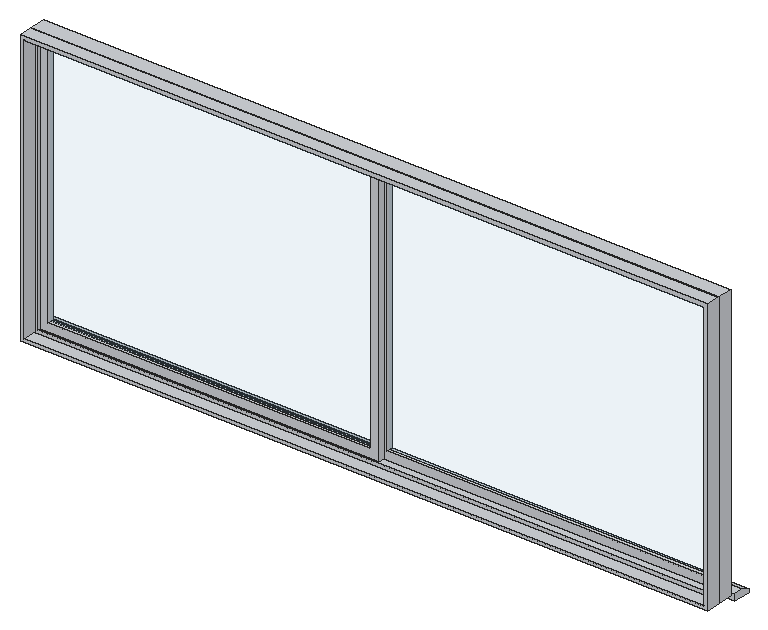
Revit family
Parameters (values of type "@1200 x 3000mm")
  씰 돌출 = 35.000 mm
  개구부 프레임 폭 = 35.000 mm
  개구부 프레임 깊이 = 25.000 mm
  내부 프레임 돌출 = 20.000 mm
  내부 프레임 깊이 = 60.000 mm
  Height = 1200.000 mm
  유리 참조 = 개구부 프레임 깊이 / 2  # 12.500 mm
  프레임 폭 = 30.000 mm
  프레임 반 폭 = 프레임 폭 / 2  # 15.000 mm
  프레임 반 깊이 = 35.000 mm
  프레임 깊이 = 70.000 mm
  기본 씰 높이 = 800.000 mm
  Wall Closure = (empty or 0)
  Width = 3000.000 mm
  Assembly Code = ""
Reference planes
  plane 1: y = 0
  plane 2 "중심(왼쪽/오른쪽)": x = 0
  plane 3 "왼쪽": x = -1500
  plane 4 "오른쪽": x = 1500
  plane 5 "씰 ": z = 800
  plane 6 "헤드": z = 2000
  plane 7 "외부": y = 75
  plane 8 "내부": y = -75
  plane 9: x = -1470
  plane 10: x = -1515
  plane 11: x = 1470
  plane 12: x = 1515
  plane 13: z = 2015
  plane 14: z = 1970
  plane 15: z = 1400
  plane 16: z = 785
  plane 17: z = 830
  plane 18: y = -95
  plane 19: y = 25
  plane 20: y = -25
  plane 21: y = 110
  plane 22: y = -35
  plane 23: y = 35
  plane 24: y = 12.5
  plane 25: x = 10
  plane 26: x = -25
  plane 27: x = -10
  plane 28: x = 25
  plane 29: y = -12.5
Forms (mm)
  Extrusion 1, void
    sketch origin (0, 75, 0) x (1, 0, 0) y (0, 0, 1)
      loop
        line (1500, 2000) -> (-1500, 2000) -> (-1500, 800) -> (1500, 800) -> (1500, 2000)
    from 0 to 150
  Sweep 2, solid
    path origin (0, 75, 0) x (1, 0, 0) y (0, 0, 1)
      loop
        line (1500, 2000) -> (-1500, 2000) -> (-1500, 800) -> (1500, 800) -> (1500, 2000)
    profile origin (0, 0, 0) x (0, 0, -1) y (0, -1, 0)
      loop
        line (-2000, 35) -> (-2000, -35) -> (-1970, -35) -> (-1970, 35) -> (-2000, 35)
  Extrusion 3, void
    sketch origin (0, 75, 0) x (1, 0, 0) y (0, 0, 1)
      loop
        line (1515, 785) -> (1515, 815) -> (-1515, 815) -> (-1515, 785) -> (1515, 785)
    from -35 to 40
  Sweep 4, solid, detail levels medium+fine
    path origin (0, 75, 0) x (1, 0, 0) y (0, 0, 1)
      loop
        line (1515, 785) -> (-1515, 785)
    profile origin (0, 0, 0) x (0, 0, -1) y (0, -1, 0)
      loop
        line (-815, -75) -> (-801.875, -110) -> (-785, -110) -> (-785, -35) -> (-815, -35) -> (-815, -75)
  Extrusion 5, solid
    sketch origin (0, 75, 0) x (1, 0, 0) y (0, 0, 1)
      loop
        line (1470, 1970) -> (-10, 1970) -> (-10, 830) -> (1470, 830) -> (1470, 1970)
      loop
        line (1435, 1935) -> (25, 1935) -> (25, 865) -> (1435, 865) -> (1435, 1935)
    from 50 to 75
  Extrusion 6, solid
    sketch origin (-470, 75, 0) x (1, 0, 0) y (0, 0, 1)
      loop
        line (480, 1970) -> (-1000, 1970) -> (-1000, 830) -> (480, 830) -> (480, 1970)
      loop
        line (445, 1935) -> (-965, 1935) -> (-965, 865) -> (445, 865) -> (445, 1935)
    from 75 to 100
  Sweep 7, solid, detail levels medium+fine
    path origin (0, -75, 0) x (1, 0, 0) y (0, 0, 1)
      loop
        line (-1500, 2000) -> (-1500, 800) -> (1500, 800) -> (1500, 2000) -> (-1500, 2000)
    profile origin (0, 0, 0) x (0, 0, 1) y (0, -1, 0)
      loop
        line (2000, 35) -> (2000, 95) -> (1985, 95) -> (1985, 35) -> (2000, 35)
  Extrusion 8, solid, material "유리"
    sketch origin (0, 0, 0) x (1, 0, 0) y (0, 1, 0)
      loop
        line (25, 13.5) -> (25, 11.5) -> (1435, 11.5) -> (1435, 13.5) -> (25, 13.5)
    from 865 to 1935
  Extrusion 9, solid, material "유리"
    sketch origin (0, 0, 0) x (1, 0, 0) y (0, 1, 0)
      loop
        line (-1435, -11.5) -> (-1435, -13.5) -> (-25, -13.5) -> (-25, -11.5) -> (-1435, -11.5)
    from 865 to 1935
Cuts and joins
  Extrusion 3 cuts Sweep 2
Lines and regions (mm)
  symbolic lines, style "WindowsGlassProjection"
    curve 1: line (-25, -12.5, 0) -> (-1435, -12.5, 0)
    curve 2: line (25, 12.5, 0) -> (1435, 12.5, 0)
Text (mm)
  text "외부" at (-1981.466, 1096.724, 0), in view "참조 레벨"
  text "내부" at (-1981.466, -818.386, 0), in view "참조 레벨"
  text "Exterior" at (0, 923.751, 2943.296), in view "오른쪽"
  text "Exterior" at (0, 1040.484, 2685.409), in view "왼쪽"
Dimensions and locks
  equal spacing: plane 3 "왼쪽", plane 2 "중심(왼쪽/오른쪽)", plane 4 "오른쪽"
  "Width": plane 3 "왼쪽" to plane 4 "오른쪽"
  "Height": plane 5 "씰 " to plane 6 "헤드"
  "기본 씰 높이": plane 5 "씰 " to level
  locked: plane 7 "외부" to host wall at 0
  locked: plane 8 "내부" to host wall
  "프레임 반 폭": plane 10 to plane 3 "왼쪽"
  "프레임 폭": plane 3 "왼쪽" to plane 9
  "프레임 반 폭": plane 12 to plane 4 "오른쪽"
  "프레임 폭": plane 4 "오른쪽" to plane 11
  "프레임 반 폭": plane 6 "헤드" to plane 13
  "프레임 폭": plane 14 to plane 6 "헤드"
  equal spacing: plane 5 "씰 ", plane 15, plane 6 "헤드"
  "프레임 반 폭": plane 5 "씰 " to plane 16
  "프레임 폭": plane 17 to plane 5 "씰 "
  "프레임 폭": plane 16 to Extrusion 3 sketch curve
  locked: plane 10 to Sweep 4 sketch curve at 0
  "개구부 프레임 폭": Extrusion 5 sketch curve to plane 14
  "개구부 프레임 폭": Extrusion 5 sketch curve to plane 11
  "개구부 프레임 폭": plane 17 to Extrusion 5 sketch curve
  "개구부 프레임 깊이": plane 19 to host wall
  "개구부 프레임 깊이": plane 20 to host wall
  "개구부 프레임 폭": plane 14 to Extrusion 6 sketch curve
  "개구부 프레임 폭": Extrusion 6 sketch curve to plane 17
  "개구부 프레임 폭": plane 9 to Extrusion 6 sketch curve
  "내부 프레임 돌출": plane 18 to plane 8 "내부"
  "씰 돌출": plane 7 "외부" to plane 21
  locked: Sweep 4 sketch curve to plane 21 at 0
  equal spacing: plane 8 "내부", plane 1, plane 7 "외부"
  "프레임 깊이": plane 23 to plane 22
  equal spacing: plane 23, plane 1, plane 22
  equal spacing: plane 1, plane 24, plane 19
  locked: plane 25 to plane 2 "중심(왼쪽/오른쪽)" at 10
  "개구부 프레임 폭": plane 25 to plane 26
  locked: plane 2 "중심(왼쪽/오른쪽)" to plane 27 at 10
  "개구부 프레임 폭": plane 27 to plane 28
  equal spacing: plane 20, plane 29, plane 1
  Extrusion 9 sketch curve to curve 1 to Extrusion 9 sketch curve = 1.000 mm locked, 1.000 mm locked
  "프레임 반 폭": Sweep 7 sketch curve to plane 6 "헤드"
  aligned and locked: plane 4 "오른쪽" to Extrusion 1 sketch curve
  aligned and locked: Extrusion 1 sketch curve to plane 6 "헤드"
  aligned and locked: plane 5 "씰 " to Extrusion 1 sketch curve
  aligned and locked: plane 3 "왼쪽" to Extrusion 1 sketch curve
  aligned and locked: host wall to Extrusion 1  (x2)
  aligned and locked: plane 4 "오른쪽" to Sweep 2 sketch curve
  aligned and locked: Sweep 2 sketch curve to plane 6 "헤드"
  aligned and locked: plane 5 "씰 " to Sweep 2 sketch curve
  aligned and locked: plane 3 "왼쪽" to Sweep 2 sketch curve
  aligned and locked: plane 6 "헤드" to Sweep 2 sketch curve
  aligned and locked: Extrusion 3 sketch curve to plane 16
  aligned and locked: Extrusion 3 sketch curve to plane 10
  aligned and locked: Extrusion 5 to plane 19
  aligned and locked: host wall to Extrusion 5
  aligned and locked: Extrusion 6 to plane 20
  aligned and locked: cut or joined group of Sweep 2, Extrusion 3 to Sweep 7 sketch curve
  aligned and locked: Sweep 7 sketch curve to cut or joined group of Sweep 2, Extrusion 3  (x3)
  aligned and locked: plane 22 to Sweep 7 sketch curve
  aligned and locked: Sweep 2 sketch curve to plane 22
  aligned and locked: Sweep 2 sketch curve to plane 23
  aligned and locked: plane 23 to Sweep 4 sketch curve
  aligned and locked: Extrusion 3 to Sweep 2
  aligned and locked: Extrusion 6 to curve 1
  aligned and locked: Extrusion 8 to Extrusion 5  (x2)
  aligned and locked: Extrusion 6 sketch curve to plane 25
  aligned and locked: Extrusion 6 sketch curve to plane 26
  aligned and locked: plane 27 to Extrusion 5 sketch curve
  aligned and locked: plane 28 to Extrusion 5 sketch curve
  aligned and locked: Extrusion 5 to Extrusion 8 sketch curve  (x2)
  aligned and locked: Extrusion 5 to curve 2
  aligned and locked: curve 2 to Extrusion 5
  aligned and locked: Extrusion 9 sketch curve to curve 1
  aligned and locked: Extrusion 9 to Extrusion 6  (x2)
  aligned and locked: curve 1 to plane 29
  aligned and locked: Extrusion 6 to Extrusion 9 sketch curve
  aligned and locked: Extrusion 5 sketch curve to plane 11
  aligned and locked: plane 17 to Extrusion 5 sketch curve
  aligned and locked: Extrusion 5 sketch curve to plane 14
  aligned and locked: plane 14 to Sweep 2 sketch curve
  aligned and locked: Sweep 7 sketch curve to plane 6 "헤드"
  aligned and locked: plane 18 to Sweep 7 sketch curve
  aligned and locked: Extrusion 3 to Sweep 4
Automatic sketch dimensions
  Extrusion 3 sketch curve to plane 12 = 0.000 mm
  Sweep 4 sketch curve to plane 7 "외부" = 0.000 mm
  Sweep 4 sketch curve to profile plane = 0.000 mm
  profile plane to Sweep 4 sketch curve = 16.875 mm
  profile plane to Sweep 4 sketch curve = 30.000 mm
  Extrusion 6 sketch curve to plane 9 = 0.000 mm
  Extrusion 6 sketch curve to plane 17 = 0.000 mm
  Extrusion 6 sketch curve to plane 14 = 0.000 mm
  Sweep 4 sketch curve to plane 12 = 0.000 mm
  Sweep 4 sketch curve to plane 16 = 0.000 mm
  Extrusion 8 sketch curve to plane 24 = 1.000 mm
  plane 24 to Extrusion 8 sketch curve = 1.000 mm
  curve 2 to plane 24 = 0.000 mm
  curve 1 to plane 9 = 35.000 mm
